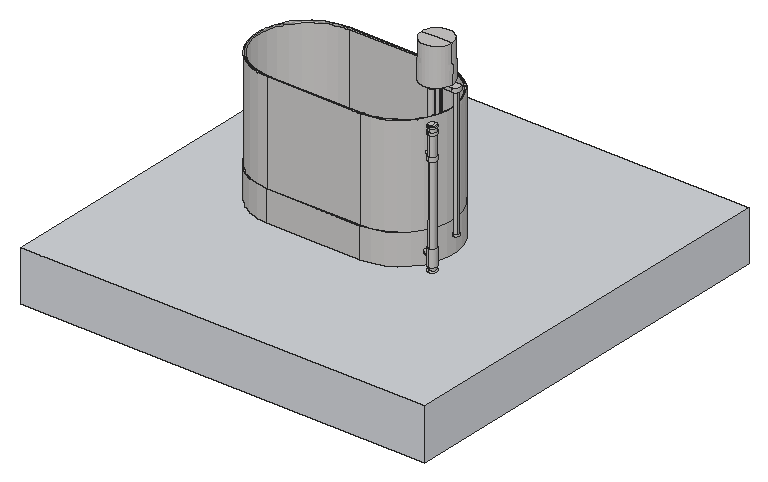
Revit family
Parameters (values of type "S-90-S")
  Width = 24"
  Waste Connection Radius = 1"
  Waste Connection Diameter = Waste Connection Radius * 2  # 2"
  Waste Connection = yes
  WFU = 4
  Voltage = 115
  Vent Connection = no
  URL = "http://www.whitehallmfg.com/"
  Type Comments = ""
  Tempered Water Connection = yes
  Product URL = "http://www.whitehallmfg.com/uploads/fileLibrary/s90m.pdf"
  Length = 46"
  Drain Width Location = 12"
  Drain Length Location = 23"
  Depth = 25"
  Creation Date = "09/10/14"  # constant formula
  Phone# = "626-336-4561"
  Model = "S-90-S"
  Material = Stainless-Whitehall-Type 304-Steel
  Manufacturer = "Whitehall Manufacturing"
  Hertz = 60
  HWFU = 3
  HW Connection = yes
  Designed By = "Allied Technical Services"  # constant formula
  Description = "S Series 90 Gallon Stationary Whirlpool S-90-S"
  Default Elevation = 31"
  CWFU = 2
  CW Connection = yes
  Assembly Code = "D2010510"
  Amperage = 8
  -WLS Water Level Sensor = no
  -TTS2 Tank Top Seat = no
  -SDO Separate Drain and Overflow Assembly = no
  -S Sports Series = no
  -RHG Rubber Hand Grips = no
  -PHS2 - Patient Handling System (Chair Type) = no
  -PCS Pump Cover Strainer = no
  -MXWH Washout Hose Attachment for MXT Valves = no
  -MXT2 Thermostatic Mixing Valve (25 GPM) = no
  -MXT1 Thermostatic Mixing Valve (15 GPM) = no
  -GFI Ground Fault Interrupter = no
  -EG Enviro Glaze Color Powder Coating (Specify Color) = no
  -CTS2 Combination Table with Side Seats = no
  -AS2 Adjustable Suspension Seat = no
  -ARS Arm Rest Support = no
  -AHC2 Adjustable High Chair with Rubber Tips = no
  -AHC1 Adjustable High Chair with Casters = no
  -90 Gallons (341 Liter) Capacity = yes
  -60 Hz Turbine Assembly = no
  -50 Hz Turbine Assembly = no
  -S Stationary Whirlpool = yes
Reference planes (in)
  plane 1 "Center (Front/Back)": y = 24
  plane 2: z = 0
  plane 3 "Center (Left/Right)": x = 28
  plane 4: x = 16
  plane 5: z = 31
  plane 6: z = 6
  plane 7: x = -30
  plane 8: y = 12
  plane 9: y = -12
  plane 10: x = 16
  plane 11: x = -6.99485
  plane 12: z = 52.25
  plane 13: x = -7
  plane 14: y = 0
  plane 15: x = 17
  plane 16: y = -7
Forms (in)
  Extrusion 1, solid
    sketch origin (0, 0, 0) x (1, 0, 0) y (0, 1, 0)
      loop
        line (-48, 48) -> (-48, -48) -> (48, -48) -> (48, 48) -> (-48, 48)
    from 0 to -12
  Sweep 2, solid, material "Stainless-Whitehall-Type 304-Steel" <- "Material"
    path origin (0, 0, 0) x (1, 0, 0) y (0, 1, 0)
      loop
        line (4.01029, 12) -> (-18, 12)
        arc (-18, 12) -> (-30, 0) -> (-18, -12) r 12
        line (-18, -12) -> (4.01029, -12)
        arc (4.01029, -12) -> (16.01029, 0) -> (4.01029, 12) r 12
    profile origin (16.01029, 0, 0) x (1, 0, 0) y (0, 0, 1)
      loop
        line (0.225, 0) -> (0.225, 7.25) -> (0.1, 7.25) -> (0.1, 31) -> (-0.125, 31)
        arc (-0.125, 31) -> (-0.25, 30.875) -> (-0.125, 30.75) r 0.125
        line (-0.125, 30.75) -> (0, 30.75) -> (0, 0) -> (0.225, 0)
  Extrusion 3, solid, material "Stainless-Whitehall-Type 304-Steel" <- "Material"
    sketch origin (0, 0, 0) x (1, 0, 0) y (0, 1, 0)
      loop
        line (-18, -11.875) -> (4.01029, -11.875)
        arc (4.01029, -11.875) -> (15.88529, 0) -> (4.01029, 11.875) r 11.875
        line (4.01029, 11.875) -> (-18, 11.875)
        arc (-18, 11.875) -> (-29.875, 0) -> (-18, -11.875) r 11.875
    from 4.75 to 6
  Revolve 4, solid, material "Stainless-Whitehall-Type 304-Steel" <- "Material"
    sketch origin (-19.76635, 0, 5) x (-1, 0, 0) y (0, 0, 1)
      loop
        line (-30.95365, 8.97119) -> (-30.95365, 31.10937) -> (-31.82865, 31.10937) -> (-31.82865, 28.97119) -> (-31.64115, 28.97119) -> (-31.64115, 8.97119) -> (-30.95365, 8.97119)
      axis (-30.95365, 8.97119) -> (-30.95365, 31.10937)
    angle from 0 to 360
  Revolve 5, solid, material "Stainless-Whitehall-Type 304-Steel" <- "Material"
    sketch origin (-18.51635, 0, 5) x (-1, 0, 0) y (0, 0, 1)
      loop
        line (-30.95365, 31.10937) -> (-27.20365, 31.10938) -> (-27.38065, 39.85938) -> (-30.95365, 39.85937) -> (-30.95365, 31.10937)
      axis (-30.95365, 31.10937) -> (-30.95365, 39.85938)
    angle from 0 to 360
  Blend 6, solid, material "Stainless-Whitehall-Type 304-Steel" <- "Material"
    base sketch origin (-19.76635, 0, 5) x (-1, 0, 0) y (0, -1, 0)
      loop
        circle (-30.95365, 0) r 0.875
    top sketch origin (-19.76635, 0, 5) x (-1, 0, 0) y (0, -1, 0)
      loop
        circle (-32.20365, 0) r 3.573
    from 29.81381 to 31.10937
  Extrusion 7, solid, material "Stainless-Whitehall-Type 304-Steel" <- "Material"
    sketch origin (-19.76635, 0, 5) x (-1, 0, 0) y (0, -1, 0)
      loop
        line (-36.65003, -1.11632) -> (-33.22803, -1.11632)
        arc (-33.22803, -1.11632) -> (-32.11171, 0) -> (-33.22803, 1.11632) r 1.11632
        line (-33.22803, 1.11632) -> (-36.65003, 1.11632)
        arc (-36.65003, 1.11632) -> (-37.76635, 0) -> (-36.65003, -1.11632) r 1.11632
    from 31.10937 to 30.28223
  Extrusion 8, solid, material "Stainless-Whitehall-Type 304-Steel" <- "Material"
    sketch origin (0, 0, 0) x (1, 0, 0) y (0, 1, 0)
      loop
        circle (17.04145, 0) r 0.5
    from 4.75 to 35.28223
  Extrusion 9, solid, material "Stainless-Whitehall-Type 304-Steel" <- "Material"
    sketch origin (-6.97369, -70.84662, 4.21455) x (0, 1, 0) y (-1, 0, 0)
      loop
        circle (70.84553, 0) r 1.25
    from 0.46141 to 0.53545
  Extrusion 10, void
    sketch origin (-17.72728, 0, 0) x (1, 0, 0) y (0, 1, 0)
      loop
        circle (10.75, 0) r 0.10544
      loop
        circle (10.625, 0.21651) r 0.10544
      loop
        circle (10.875, 0.21651) r 0.10544
      loop
        circle (10.875, -0.21651) r 0.10544
      loop
        circle (11, 0) r 0.10544
      loop
        circle (10.625, -0.21651) r 0.10544
      loop
        circle (10.5, 0) r 0.10544
      loop
        circle (10.75, 0.46093) r 0.10544
      loop
        circle (11, 0.43301) r 0.10544
      loop
        circle (11.125, 0.21651) r 0.10544
      loop
        circle (10.5, 0.43301) r 0.10544
      loop
        circle (10.375, 0.21651) r 0.10544
      loop
        circle (10.75, -0.46093) r 0.10544
      loop
        circle (11, -0.43301) r 0.10544
      loop
        circle (11.125, -0.21651) r 0.10544
      loop
        circle (10.5, -0.43301) r 0.10544
      loop
        circle (10.375, -0.21651) r 0.10544
      loop
        circle (10.25, 0) r 0.10544
      loop
        circle (11.25, 0) r 0.10544
    from 4.67596 to 4.75
  Blend 11, void
    base sketch origin (0, 0, 0) x (1, 0, 0) y (0, 1, 0)
      loop
        circle (-6.99485, 0) r 1.25
    top sketch origin (0, 0, 0) x (1, 0, 0) y (0, 1, 0)
      loop
        arc (-18, 11.875) -> (-29.875, 0) -> (-18, -11.875) r 11.875
        line (-18, -11.875) -> (4.01029, -11.875)
        arc (4.01029, -11.875) -> (15.88529, 0) -> (4.01029, 11.875) r 11.875
        line (4.01029, 11.875) -> (-18, 11.875)
    from 4.75 to 6
  Sweep 12, solid, material "Stainless-Whitehall-Type 304-Steel" <- "Material"
    path origin (-0.92547, -3.42677, 0) x (0.974568, 0.224091, 0) y (-0.224091, 0.974568, 0)
      loop
        line (16.53123, -7.3409) -> (14.60842, -5.83864)
    profile origin (15.72509, -6.35988, 0) x (-0.423418, -0.905935, 0) y (0, 0, 1)
      loop
        circle (0, 23.94531) r 0.25
  Sweep 13, solid, material "Stainless-Whitehall-Type 304-Steel" <- "Material"
    path origin (-0.92547, -3.42677, -3.39835) x (0.974568, 0.224091, 0) y (-0.224091, 0.974568, 0)
      loop
        line (16.48422, -7.34501) -> (14.56911, -5.73804)
    profile origin (15.67222, -6.32254, -3.39835) x (-0.454776, -0.890606, 0) y (0, 0, 1)
      loop
        circle (0, 6.31964) r 0.75
  Revolve 14, solid, material "Stainless-Whitehall-Type 304-Steel" <- "Material"
    sketch origin (17.03125, 0, -0.25) x (0, 1, 0) y (0, 0, 1)
      loop
        line (0, 4.75) -> (0, 5) -> (-0.69656, 5) -> (-0.69656, 4.75) -> (0, 4.75)
      axis (0, 5) -> (0, 4.75)
    angle from 0 to 360
  Extrusion 15, solid, material "Stainless-Whitehall-Type 304-Steel" <- "Material"
    sketch origin (0, 0.33538, 0) x (1, 0, 0) y (0, 1, 0)
      loop
        circle (3.8507, 11.46163) r 0.0625
    from 4.75 to 31.10851
  Extrusion 16, solid, material "Stainless-Whitehall-Type 304-Steel" <- "Material"
    sketch origin (0, 24.33538, 0.05804) x (1, 0, 0) y (0, 0, 1)
      loop
        circle (3.85108, 31.75) r 0.75
      loop
        circle (3.85108, 31.75) r 0.5
    from 12.33538 to 12.68258
  Extrusion 17, solid, material "Stainless-Whitehall-Type 304-Steel" <- "Material"
    sketch origin (0, 24.33538, 0) x (1, 0, 0) y (0, 0, 1)
      loop
        circle (3.85108, 31.80804) r 0.5
    from 12.33538 to 12.61264
  Revolve 18, solid, material "Stainless-Whitehall-Type 304-Steel" <- "Material"
    sketch origin (17, 0, 0) x (0, 1, 0) y (0, 0, 1)
      loop
        arc (-7.75, 0.24999) -> (-7.92677, 0.17677) -> (-7.99999, 0) r 0.24999
        line (-7.99999, 0) -> (-7, 0) -> (-7, 31) -> (-7.875, 31) -> (-7.875, 30.75) -> (-8, 30.75) -> (-8, 30.625) -> (-7.875, 30.625) -> (-7.875, 29.625) -> (-8, 29.625) -> (-8, 29.125) -> (-7.75, 29.125) -> (-7.75, 24.35938) -> (-8, 24.35938) -> (-8, 23.53223) -> (-7.75, 23.53223) -> (-7.75, 4.87496) -> (-8, 4.87496) -> (-8, 1.10165) -> (-7.75, 1.10165) -> (-7.75, 0.24999)
      axis (-7, 0) -> (-7, 31)
    angle from 0 to 360
Cuts and joins
  Extrusion 10 cuts Extrusion 9
  Extrusion 10, Blend 11 cuts Extrusion 3
  joined: Extrusion 3, Sweep 12, Sweep 13, Extrusion 15, Revolve 18
  joined: Extrusion 8, Revolve 14
  joined: Extrusion 16, Extrusion 17
  Extrusion 10, Blend 11 cuts Sweep 2
Dimensions and locks (in)
  "Default Elevation": plane 5 to Extrusion 1
  "Depth": plane 5 to plane 6
  "Length": plane 7 to plane 4
  "Width": plane 9 to plane 8
  locked: plane 8 to plane 1 "Center (Front/Back)" at 12
  locked: plane 4 to plane 3 "Center (Left/Right)" at 12
  "Drain Length Location": plane 7 to plane 13
  "Drain Width Location": plane 14 to plane 8
  plane 15 to plane 3 "Center (Left/Right)" = 11"
  plane 16 to plane 1 "Center (Front/Back)" = 31"
  aligned and locked: plane 2 to Extrusion 1
  aligned and locked: level to Extrusion 1
Automatic sketch dimensions
  Extrusion 1 sketch curve to Extrusion 1 sketch curve = 96"  (x2)
  plane 9 to Sweep 2 sketch curve = 0"
  plane 14 to Sweep 2 sketch curve = 0"
  plane 13 to Sweep 2 sketch curve = 11"
  Sweep 2 sketch curve to plane 13 = 11.01029"
  profile plane to Sweep 2 sketch curve = 0"
  Sweep 2 sketch curve to level = 0"
  profile plane to Sweep 2 sketch curve = 1/8"
  Sweep 2 sketch curve to profile plane = 0.1"
  Sweep 2 sketch curve to Sweep 2 sketch curve = 1/8"  (x2)
  level to Sweep 2 sketch curve = 7 1/4"
  Sweep 2 sketch curve to Sweep 2 sketch curve = 23 1/2"
  plane 14 to Extrusion 3 sketch curve = 0"
  Extrusion 3 sketch curve to plane 9 = 1/8"
  plane 13 to Extrusion 3 sketch curve = 11"
  Extrusion 3 sketch curve to plane 13 = 11.01029"
  plane 4 to Revolve 4 sketch curve = 3.93771"
  plane 4 to Revolve 4 sketch curve = 4.12521"
  Revolve 4 sketch curve to Revolve 4 sketch curve = 7/8"
  Revolve 4 sketch curve to Revolve 4 sketch curve = 0"  (x3)
  Revolve 4 sketch curve to plane 6 = 7.97119"
  Revolve 4 sketch curve to plane 5 = 2.97119"
  Revolve 4 sketch curve to Revolve 4 sketch curve = 2.13818"
  plane 4 to Revolve 5 sketch curve = 3.56271"
  Revolve 5 sketch curve to Revolve 5 sketch curve = 0"  (x3)
  Revolve 5 sketch curve to Revolve 5 sketch curve = 3.573"
  Revolve 5 sketch curve to Revolve 5 sketch curve = 3 3/4"
  Revolve 5 sketch curve to plane 5 = 5 7/64"
  Revolve 5 sketch curve to plane 12 = 7 25/64"
  Blend 6 sketch curve to Blend 6 sketch curve = 0"  (x4)
  plane 14 to Blend 6 sketch curve = 0"  (x2)
  plane 4 to Blend 6 sketch curve = 3.93771"
  Blend 6 sketch curve to Blend 6 sketch curve = 7/8"
  Blend 6 sketch curve to plane 4 = 0.01029"
  plane 4 to Blend 6 sketch curve = 3.56271"
  plane 14 to Extrusion 7 sketch curve = 0"
  plane 15 to Extrusion 7 sketch curve = 0.11632"
  plane 4 to Extrusion 7 sketch curve = 2.53832"
  Extrusion 7 sketch curve to plane 14 = 1.11632"
  plane 14 to Extrusion 8 sketch curve = 0"
  Extrusion 8 sketch curve to plane 15 = 0.04145"
  plane 14 to Extrusion 9 sketch curve = 0.0011"
  Extrusion 9 sketch curve to plane 13 = 0.02631"
  plane 14 to Extrusion 10 sketch curve = 0"  (x5)
  plane 13 to Extrusion 10 sketch curve = 0.47728"
  Extrusion 10 sketch curve to Extrusion 10 sketch curve = 1/8"  (x8)
  plane 13 to Extrusion 10 sketch curve = 0.22728"  (x3)
  plane 13 to Extrusion 10 sketch curve = 0.10228"  (x2)
  Extrusion 10 sketch curve to plane 13 = 0.02272"  (x3)
  Extrusion 10 sketch curve to plane 13 = 0.14772"  (x2)
  plane 14 to Extrusion 10 sketch curve = 0.21651"  (x4)
  Extrusion 10 sketch curve to Extrusion 10 sketch curve = 0.21651"  (x4)
  Extrusion 10 sketch curve to Extrusion 10 sketch curve = 0.02792"  (x2)
  Extrusion 10 sketch curve to plane 14 = 0.21651"  (x4)
  Blend 11 sketch curve to plane 11 = 0"
  plane 14 to Blend 11 sketch curve = 0"  (x2)
  plane 13 to Blend 11 sketch curve = 11"
  Blend 11 sketch curve to plane 9 = 1/8"
  Blend 11 sketch curve to plane 13 = 11.01029"
  Sweep 12 sketch curve to plane 16 = 1.1567"
  plane 4 to Sweep 12 sketch curve = 1.38018"
  Sweep 12 sketch curve to Sweep 12 sketch curve = 1.92281"
  Sweep 12 sketch curve to Sweep 12 sketch curve = 1.50226"
  Sweep 12 sketch curve to profile plane = 0"
  level to Sweep 12 sketch curve = 23 121/128"
  Sweep 13 sketch curve to plane 16 = 1.24593"
  plane 4 to Sweep 13 sketch curve = 1.44104"
  Sweep 13 sketch curve to Sweep 13 sketch curve = 1.91511"
  Sweep 13 sketch curve to Sweep 13 sketch curve = 1.60697"
  Sweep 13 sketch curve to profile plane = 0"
  profile plane to Sweep 13 sketch curve = 6.31964"
  Revolve 14 sketch curve to plane 14 = 0"  (x2)
  plane 14 to Revolve 14 sketch curve = 0.69656"
  plane 6 to Revolve 14 sketch curve = 1 1/2"
  Revolve 14 sketch curve to Revolve 14 sketch curve = 0"  (x2)
  Revolve 14 sketch curve to Revolve 14 sketch curve = 1/4"
  plane 8 to Extrusion 15 sketch curve = 0.20299"
  Extrusion 15 sketch curve to plane 13 = 10.8507"
  Extrusion 16 sketch curve to Extrusion 16 sketch curve = 0"  (x2)
  Extrusion 16 sketch curve to plane 5 = 0.80804"
  Extrusion 16 sketch curve to plane 13 = 10.85108"
  Extrusion 17 sketch curve to Extrusion 17 sketch curve = 0"  (x2)
  Extrusion 17 sketch curve to plane 5 = 0.80804"
  Extrusion 17 sketch curve to plane 13 = 10.35108"
  Extrusion 17 sketch curve to Extrusion 17 sketch curve = 1/2"
  Revolve 18 sketch curve to level = 0"
  plane 5 to Revolve 18 sketch curve = 0"
  Revolve 18 sketch curve to plane 16 = 0"  (x2)
  plane 16 to Revolve 18 sketch curve = 3/4"  (x3)
  plane 5 to Revolve 18 sketch curve = 3/8"
  plane 16 to Revolve 18 sketch curve = 7/8"
  Revolve 18 sketch curve to Revolve 18 sketch curve = 0"
  Revolve 18 sketch curve to Revolve 18 sketch curve = 1/4"  (x4)
  Revolve 18 sketch curve to Revolve 18 sketch curve = 1/8"  (x2)
  Revolve 18 sketch curve to Revolve 18 sketch curve = 0.85166"
  Revolve 18 sketch curve to Revolve 18 sketch curve = 1/2"  (x2)
  Revolve 18 sketch curve to Revolve 18 sketch curve = 1.54349"
  plane 6 to Revolve 18 sketch curve = 1.12504"
  Revolve 18 sketch curve to Revolve 18 sketch curve = 7.09277"
  Revolve 18 sketch curve to Revolve 18 sketch curve = 0.82715"
  Revolve 18 sketch curve to Revolve 18 sketch curve = 1 1/2"
  radius of Extrusion 8 sketch curve = 1/2"
  radius of Extrusion 9 sketch curve = 1 1/4"
  radius of Extrusion 10 sketch curve = 0.10544"  (x19)
  radius of Blend 11 sketch curve = 1 1/4"
  radius of Sweep 12 sketch curve = 1/4"
  radius of Sweep 13 sketch curve = 3/4"
  radius of Extrusion 15 sketch curve = 1/16"
  radius of Extrusion 16 sketch curve = 3/4"
  radius of Extrusion 16 sketch curve = 1/2"
Connectors (in)
  electrical at (12.43729, 0, 36.10937)
    settings: on Revolve 5, index 1
  piping at (-6.97369, -0.0011, 4.67596), driven by "Waste Connection Radius", driven by "WFU"
    settings: on cut or joined group of Extrusion 9, Extrusion 10, index 2
